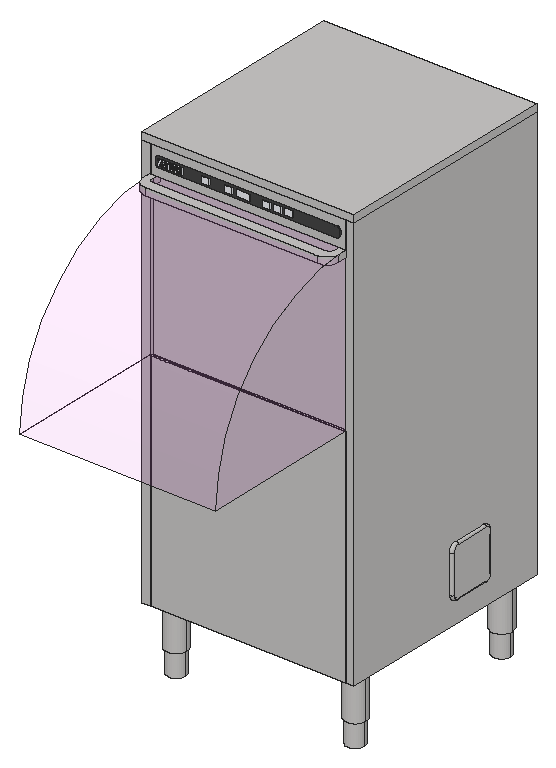
Revit family "QF_ZANUSSI_503021_LU7ADP", category Attrezzature speciali, Revit 2020
Family settings
  Quota connettore circolare = Usa diametro
  Tipo di parte = Normale
  Basato su piano di lavoro = No
  Sempre verticale = Sì
  Taglio con vuoti quando caricato = No
  Condiviso = No
  Punto di calcolo locali = No
Parameters (values of type "Standard")
  Weight = 97.00 kg
  Watts = 9900 W
  Volts = 400 V
  URL Manufacturer = "http://www.zanussiprofessional.com"
  URL = "http://www.zanussiprofessional.com"
  Steam Supply Size = 0 mm
  Steam Supply Minimum Pressure = 0.0 Pa
  Steam Supply Maximum Pressure = 0.0 Pa
  Steam Consumption per Hour = 0
  Show Logo [instance] = yes
  Show Clearance [instance] = yes
  Refrigeration Suction Line Size = 0 mm
  Refrigeration Liquid Line Size = 0 mm
  Refrigerant Compressor Remote = yes
  Prospetto di default = 0 mm
  Produttore = "Zanussi"
  Phase = 3
  Modello = "LU7ADP"
  Length Actual = 642 mm  # constant formula
  Item Number = "503021"
  Hot Water Size = 19.05 mm
  Height Actual = 1477 mm  # constant formula
  HP = "13.3 HP"
  Gas Size = 0 mm
  Gas KW = 0
  Gas Input Pressure = 0 W
  Direct Waste Size = 20.5 mm
  Descrizione = "UTENSIL/DISHW.1170D/H,DRAIN P,ATM,ACTIVE"
  Depth Actual = 723 mm  # constant formula
  Cycle = 50 Hz
  Condensate Return Size = 0 mm
  Compressed Air Volume = 0.0 L/s
  Compressed Air Size = 0 mm
  Compressed Air Pressure = 0.0 Pa
  Cold Water Size = 0 mm
  Accessory = yes
Reference planes
  plane 1: z = 0
  plane 2 "LEFT": x = -438
  plane 3 "BACK": y = 450
  plane 4: z = 904
  plane 5: y = 381
  plane 6: x = -388
  plane 7: z = 200
  plane 8: x = 204
  plane 9: x = -117
  plane 10: z = 880
  plane 11: z = 1477
  plane 12: z = 1363
  plane 13: x = 154
  plane 14: y = -239
  plane 15: y = -172
  plane 16: through (180, 105, 4000) normal (-0.7071, -0.7071, 0)
  plane 17: through (180, 125, 4000) normal (0.7071, -0.7071, 0)
  plane 18: through (47, -3351, 200) normal (-0.7071, 0, -0.7071)
  plane 19: through (47, -3351, 220) normal (0.7071, 0, -0.7071)
  plane 20: y = 392
  plane 21: x = -173
  plane 22: y = 392
  plane 23: x = -117
  plane 24: y = -76
  plane 25: x = -208
  plane 26: y = -731
Forms (mm)
  Extrusion 1, solid, material "QF_Finishes_Stainless Steel"
    sketch origin (0, 211, 0) x (1, 0, 0) y (0, 1, 0)
      loop
        line (-438, 239) -> (-438, -450) -> (-413, -450) -> (-413, -418) -> (179, -418) -> (179, -450) -> (204, -450) -> (204, 239) -> (-438, 239)
    from 200 to 1455
  Extrusion 2, solid, material "QF_Finishes_Stainless Steel"
    sketch origin (-247.596, -58.023, 198) x (0, -1, 0) y (1, 0, 0)
      loop
        line (-163.023, 407.596) -> (-163.023, 427.596) -> (-183.023, 427.596) -> (-183.023, 407.596) -> (-163.023, 407.596)
    from 0 to 2
  Extrusion 3, solid, material "QF_Finishes_Stainless Steel"
    sketch origin (-1275.159, 1164.464, 194.383) x (1, 0, 0) y (0, 1, 0)
      loop
        circle (1102.159, -772.464) r 10
    from -9.383 to 5.617
  Extrusion 4, solid, material "QF_Finishes_Stainless Steel"
    sketch origin (-30, 211, -709) x (1, 0, 0) y (0, 1, 0)
      loop
        line (-383, -440) -> (209, -440) -> (209, -420) -> (-383, -420) -> (-383, -440)
    from 1589 to 2082
  Extrusion 5, solid, material "QF_Finishes_Stainless Steel"
    sketch origin (-30, 211, -1192) x (1, 0, 0) y (0, 1, 0)
      loop
        line (-383, -450) -> (209, -450) -> (209, -420) -> (-383, -420) -> (-383, -450)
    from 1392 to 2072
  Extrusion 6, solid, material "QF_Finishes_Door Clearance", visible <- "Show Clearance"
    sketch origin (-259, -438, 522.718) x (0, 1, 0) y (0, 0, -1)
      loop
        line (200, -357.282) -> (-293, -357.282)
        arc (-293, -357.282) -> (-148.604, -705.885) -> (200, -850.282) r 493
        line (200, -850.282) -> (200, -357.282)
    from 154 to -438
  Extrusion 7, solid, material "QF_Finishes_Stainless Steel"
    sketch origin (-30, 211, -19) x (1, 0, 0) y (0, 1, 0)
      loop
        line (-383, -450) -> (209, -450) -> (209, -420) -> (-383, -420) -> (-383, -450)
    from 1392 to 1474
  Extrusion 8, solid, material "QF_Finishes_Stainless Steel"
    sketch origin (-57, 0, 63) x (1, 0, 0) y (0, 1, 0)
      loop
        line (-381, -239) -> (261, -239) -> (261, 450) -> (-381, 450) -> (-381, -239)
    from 1392 to 1414
  Extrusion 9, solid, material "QF_Finishes_Stainless Steel"
    sketch origin (-380.596, 450, 36.977) x (1, 0, 0) y (0, 0, -1)
      loop
        line (407.596, -163.023) -> (407.596, -183.023) -> (427.596, -183.023) -> (427.596, -163.023) -> (407.596, -163.023)
    from 0 to 2
  Extrusion 10, solid, material "QF_Finishes_Stainless Steel"
    sketch origin (-1219.159, 1164.464, 194.383) x (1, 0, 0) y (0, 1, 0)
      loop
        circle (1102.159, -772.464) r 10
    from -9.383 to 5.617
  Extrusion 11, solid, material "QF_Finishes_Stainless Steel"
    sketch origin (-1107.159, 1164.464, 194.383) x (1, 0, 0) y (0, 1, 0)
      loop
        circle (1102.159, -772.464) r 10
    from -9.383 to 5.617
  Extrusion 12, solid, material "QF_Finishes_Stainless Steel"
    sketch origin (-1310.159, 696.464, 194.383) x (1, 0, 0) y (0, 1, 0)
      loop
        circle (1102.159, -772.464) r 10
    from -9.383 to 5.617
Dimensions and locks
  plane 4 to level = 904 mm
  plane 3 "BACK" to plane 5 = 69 mm
  plane 2 "LEFT" to plane 6 = 50 mm
  plane 2 "LEFT" to plane 8 = 642 mm
  equal spacing: plane 2 "LEFT", plane 9, plane 8
  plane 10 to level = 880 mm
  plane 11 to level = 1477 mm
  plane 12 to plane 10 = 483 mm
  nested 1 to plane 6 = 0 mm
  plane 13 to plane 8 = 50 mm
  plane 3 "BACK" to plane 14 = 689 mm
  plane 15 to plane 14 = 67 mm
  plane 8 to plane 2 "LEFT" = 642 mm
  plane 7 to level = 200 mm  (x2)
  plane 3 "BACK" to nested 2 = 69 mm
  plane 5 to nested 1 = 553 mm
  nested 1 to plane 14 = 67 mm
  level to plane 10 = 880 mm
  Extrusion 1 to plane 26 = 1181 mm
  aligned and locked: level to plane 1
Automatic sketch dimensions
  Extrusion 1 sketch curve to plane 2 "LEFT" = 0 mm
  plane 14 to Extrusion 1 sketch curve = 0 mm  (x2)
  Extrusion 1 sketch curve to plane 3 "BACK" = 0 mm
  Extrusion 1 sketch curve to plane 8 = 0 mm
  plane 2 "LEFT" to Extrusion 1 sketch curve = 25 mm
  plane 8 to Extrusion 1 sketch curve = 25 mm
  Extrusion 1 sketch curve to plane 14 = 32 mm
  Extrusion 2 sketch curve to plane 16 = 0 mm
  plane 17 to Extrusion 2 sketch curve = 0 mm
  Extrusion 2 sketch curve to plane 17 = 0 mm
  Extrusion 2 sketch curve to plane 13 = 6 mm
  plane 20 to Extrusion 3 sketch curve = 0 mm
  Extrusion 3 sketch curve to plane 21 = 0 mm
  plane 2 "LEFT" to Extrusion 4 sketch curve = 25 mm
  plane 8 to Extrusion 4 sketch curve = 25 mm
  Extrusion 4 sketch curve to plane 14 = 10 mm
  Extrusion 4 sketch curve to Extrusion 4 sketch curve = 20 mm
  plane 14 to Extrusion 5 sketch curve = 0 mm
  plane 2 "LEFT" to Extrusion 5 sketch curve = 25 mm
  plane 8 to Extrusion 5 sketch curve = 25 mm
  Extrusion 5 sketch curve to plane 14 = 30 mm
  plane 10 to Extrusion 6 sketch curve = 0 mm  (x2)
  Extrusion 6 sketch curve to plane 14 = 1 mm
  plane 12 to Extrusion 6 sketch curve = 10 mm
  plane 14 to Extrusion 7 sketch curve = 0 mm
  plane 2 "LEFT" to Extrusion 7 sketch curve = 25 mm
  plane 8 to Extrusion 7 sketch curve = 25 mm
  Extrusion 7 sketch curve to plane 14 = 30 mm
  Extrusion 8 sketch curve to plane 3 "BACK" = 0 mm
  plane 14 to Extrusion 8 sketch curve = 0 mm
  Extrusion 8 sketch curve to plane 8 = 0 mm
  Extrusion 8 sketch curve to plane 2 "LEFT" = 0 mm
  plane 18 to Extrusion 9 sketch curve = 0 mm
  Extrusion 9 sketch curve to plane 7 = 0 mm
  Extrusion 9 sketch curve to plane 19 = 0 mm  (x2)
  Extrusion 10 sketch curve to plane 9 = 0 mm
  plane 20 to Extrusion 10 sketch curve = 0 mm
  plane 20 to Extrusion 11 sketch curve = 0 mm
  Extrusion 11 sketch curve to plane 9 = 112 mm
  plane 2 "LEFT" to Extrusion 12 sketch curve = 230 mm
  Extrusion 12 sketch curve to plane 5 = 457 mm
  radius of Extrusion 3 sketch curve = 10 mm
  radius of Extrusion 10 sketch curve = 10 mm
  radius of Extrusion 11 sketch curve = 10 mm
  radius of Extrusion 12 sketch curve = 10 mm
Nested families
  nested 1: "Piedino H200 - DISHWASHING" at (-388, -172, 0), type "Piedino H200 - DISHWASHING"
    with H 200 mm
  nested 2: "Piedino H200 - DISHWASHING" at (-388, 381, 0), type "Piedino H200 - DISHWASHING"
    with H 200 mm
  nested 3: "Piedino H200 - DISHWASHING" at (154, -172, 0), type "Piedino H200 - DISHWASHING"
    with H 200 mm
  nested 4: "Piedino H200 - DISHWASHING" at (154, 381, 0), type "Piedino H200 - DISHWASHING"
    with H 200 mm
  nested 5: "MANIGLIA_DISHWASHING_ROUND" at (-117, -229, 1362.997) x (1, 0, 0) z (0, -1, 0), type "MANIGLIA_DISHWASHING_ROUND"
  nested 6: "BOCCHETTONE DISHWASHING" at (204, 191, 350) x (0, -1, 0) z (1, 0, 0), type "BOCCHETTONE DISHWASHING"
  nested 7: "Tastierino_DISHWASHING_NERO ZANUSSI - LUNGO" at (-117, -239, 1414) x (1, 0, 0) z (0, -1, 0), type "Tastierino_DISHWASHING_NERO ZANUSSI - LUNGO"
    with Show Logo yes
  nested 8: "ZANUSSI_Logo - WHITE" at (-346.5, -240, 1463) x (1, 0, 0) z (0, -1, 0), Show Logo <- "Show Logo", visible <- "Show Logo", type "ZANUSSI_Logo - WHITE"
    with Show Logo yes
Connectors
  electrical at (170, 115, 198)
    settings: on Extrusion 2, index 69, voltage 0 V, apparent load 0 VA, apparent load phase1 0 VA, apparent load phase2 0 VA, apparent load phase3 0 VA, power factor 1, load classification "Altro", number of poles 1, system type 30, power factor state 1, is connector primary yes, connector utility no, sub classification motor no, connector description "EI"
  piping at (-173, 392, 185), diameter 12.9
    settings: on Extrusion 3, index 70, connector inside diameter 609.6 mm, connector length 0 mm, flow factor 0, pipe flow 0.0 L/s, pressure drop 0.0 Pa, fitting loss kfactor 0, connector angle 0.00°, fixture units 0, engagement length 0 mm, angle of deflection 0.00°, flow configuration 0, flow direction 0, fitting loss method 0, system type 29, joint type 0, gender type 0, connector reference index -1, connector utility 0, adjustable connector no, is connector primary yes, connector description "XD"
  electrical at (37, 450, 210)
    settings: on Extrusion 9, index 71, voltage 0 V, apparent load 0 VA, apparent load phase1 0 VA, apparent load phase2 0 VA, apparent load phase3 0 VA, power factor 1, load classification "Altro", number of poles 1, system type 30, power factor state 1, is connector primary no, connector utility no, sub classification motor no, connector description "EQ"
  piping at (-117, 392, 185), diameter 12.9
    settings: on Extrusion 10, index 72, connector inside diameter 609.6 mm, connector length 0 mm, flow factor 0, pipe flow 0.0 L/s, pressure drop 0.0 Pa, fitting loss kfactor 0, connector angle 0.00°, fixture units 0, engagement length 0 mm, angle of deflection 0.00°, flow configuration 0, flow direction 0, fitting loss method 0, system type 29, joint type 0, gender type 0, connector reference index -1, connector utility 0, adjustable connector no, is connector primary no, connector description "D"
  piping at (-5, 392, 185), diameter 12.9
    settings: on Extrusion 11, index 73, connector inside diameter 609.6 mm, connector length 0 mm, flow factor 0, pipe flow 0.0 L/s, pressure drop 0.0 Pa, fitting loss kfactor 0, connector angle 0.00°, fixture units 0, engagement length 0 mm, angle of deflection 0.00°, flow configuration 0, flow direction 0, fitting loss method 0, system type 29, joint type 0, gender type 0, connector reference index -1, connector utility 0, adjustable connector no, is connector primary no, connector description "HWI"
  piping at (-208, -76, 185), diameter 12.9
    settings: on Extrusion 12, index 74, connector inside diameter 609.6 mm, connector length 0 mm, flow factor 0, pipe flow 0.0 L/s, pressure drop 0.0 Pa, fitting loss kfactor 0, connector angle 0.00°, fixture units 0, engagement length 0 mm, angle of deflection 0.00°, flow configuration 0, flow direction 0, fitting loss method 0, system type 29, joint type 0, gender type 0, connector reference index -1, connector utility 0, adjustable connector no, is connector primary no, connector description "D"
Definition of nested family "Piedino H200 - DISHWASHING"
  Parameters (values of type "Piedino H200 - DISHWASHING")
    Default Elevation = 0 mm
    H [instance] = 200 mm
  Reference planes
    plane 1 "Centro (Fronte/Retro)": y = 0
    plane 2: z = 0
    plane 3 "Centro (Sinistra/Destra)": x = 0
    plane 4: z = 70.047
  Forms (mm)
    Revolve 1, solid
      sketch origin (55, 0, 0) x (-1, 0, 0) y (0, 0, -1)
        loop
          line (55, 0) -> (27.6, 0) -> (27.6, -70.047) -> (22.6, -70.047) -> (22.6, -200) -> (55, -200) -> (55, 0)
        axis (55, 0) -> (55, -200)
      angle from 0 to 360
  Dimensions and locks
    "H": Revolve 1 to plane 2
    aligned and locked: level to plane 2
  Automatic sketch dimensions
    Revolve 1 sketch curve to plane 4 = 0 mm
    Revolve 1 sketch curve to level = 0 mm
    Revolve 1 sketch curve to plane 3 "Centro (Sinistra/Destra)" = 0 mm  (x2)
    plane 3 "Centro (Sinistra/Destra)" to Revolve 1 sketch curve = 27.4 mm
    Revolve 1 sketch curve to Revolve 1 sketch curve = 5 mm
    Revolve 1 sketch curve to plane 4 = 129.953 mm
    Revolve 1 sketch curve to Revolve 1 sketch curve = 0 mm
    Revolve 1 sketch curve to Revolve 1 sketch curve = 20 mm
Definition of nested family "MANIGLIA_DISHWASHING_ROUND"
  Parameters (values of type "MANIGLIA_DISHWASHING_ROUND")
    Default Elevation = 1219.2 mm
  Reference planes
    plane 1 "Centro (Fronte/Retro)": y = 0
    plane 2: z = 0
    plane 3 "Centro (Sinistra/Destra)": x = 0
    plane 4: z = 72
    plane 5: x = -296
    plane 6: x = 296
  Forms (mm)
    Extrusion 1, solid
      sketch origin (0, 0, 0) x (1, 0, 0) y (0, 1, 0)
        loop
          line (-1219.2, 1219.2) -> (-1219.2, -1219.2) -> (1219.2, -1219.2) -> (1219.2, 1219.2) -> (-1219.2, 1219.2)
      from 0 to -304.8
    Extrusion 2, solid
      sketch origin (0, 10.003, 0) x (1, 0, 0) y (0, 0, 1)
        loop
          line (-296, 0) -> (-276, 0) -> (-276, 27)
          arc (-276, 27) -> (-271.607, 37.607) -> (-261, 42) r 15
          line (-261, 42) -> (261, 42)
          arc (261, 42) -> (271.607, 37.607) -> (276, 27) r 15
          line (276, 27) -> (276, 0) -> (296, 0) -> (296, 37)
          arc (296, 37) -> (285.749, 61.749) -> (261, 72) r 35
          line (261, 72) -> (-261, 72)
          arc (-261, 72) -> (-285.749, 61.749) -> (-296, 37) r 35
          line (-296, 37) -> (-296, 0)
      from 0 to 20.005
  Dimensions and locks
    plane 5 to plane 6 = 592 mm
    aligned and locked: plane 2 to Extrusion 1
    aligned and locked: level to Extrusion 1
Definition of nested family "BOCCHETTONE DISHWASHING"
  Parameters (values of type "BOCCHETTONE DISHWASHING")
    Default Elevation = 1219.2 mm
  Reference planes
    plane 1 "Centro (Fronte/Retro)": y = 0
    plane 2: z = 0
    plane 3 "Centro (Sinistra/Destra)": x = 0
  Forms (mm)
    Extrusion 1, solid
      sketch origin (0, 0, 0) x (1, 0, 0) y (0, 1, 0)
        loop
          line (-1219.2, 1219.2) -> (-1219.2, -1219.2) -> (1219.2, -1219.2) -> (1219.2, 1219.2) -> (-1219.2, 1219.2)
      from 0 to -304.8
    Extrusion 2, solid
      sketch origin (-411.544, -195.727, 0) x (1, 0, 0) y (0, 1, 0)
        loop
          arc (359.044, 268.227) -> (348.437, 263.833) -> (344.044, 253.227) r 15
          line (344.044, 253.227) -> (344.044, 138.227)
          arc (344.044, 138.227) -> (348.437, 127.62) -> (359.044, 123.227) r 15
          line (359.044, 123.227) -> (464.044, 123.227)
          arc (464.044, 123.227) -> (474.65, 127.62) -> (479.044, 138.227) r 15
          line (479.044, 138.227) -> (479.044, 253.227)
          arc (479.044, 253.227) -> (474.65, 263.833) -> (464.044, 268.227) r 15
          line (464.044, 268.227) -> (359.044, 268.227)
      from 0 to 13.165
    Sweep 3, solid
      path in 3D
        loop
          arc (-52.5, 72.5, 13.165) -> (-63.107, 68.107, 13.165) -> (-67.5, 57.5, 13.165) r 15
          line (-67.5, 57.5, 13.165) -> (-67.5, -57.5, 13.165)
          arc (-67.5, -57.5, 13.165) -> (-63.107, -68.107, 13.165) -> (-52.5, -72.5, 13.165) r 15
          line (-52.5, -72.5, 13.165) -> (52.5, -72.5, 13.165)
          arc (52.5, -72.5, 13.165) -> (63.107, -68.107, 13.165) -> (67.5, -57.5, 13.165) r 15
          line (67.5, -57.5, 13.165) -> (67.5, 57.5, 13.165)
          arc (67.5, 57.5, 13.165) -> (63.107, 68.107, 13.165) -> (52.5, 72.5, 13.165) r 15
          line (52.5, 72.5, 13.165) -> (-52.5, 72.5, 13.165)
      profile origin (0, 72.5, 13.165) x (0, 0, 1) y (0, 1, 0)
        loop
          arc (-1.054, 0) -> (-6.598, 5.544) -> (-12.141, 0) r 5.544
          line (-12.141, 0) -> (-1.054, 0)
  Lines and regions (mm)
    sketch lines
      curve 1: line (52.5, 72.5, 13.165) -> (-52.5, 72.5, 13.165)
      curve 2: arc (-67.5, 57.5, 13.165) -> (-63.107, 68.107, 13.165) -> (-52.5, 72.5, 13.165) r 15
      curve 3: line (-67.5, 57.5, 13.165) -> (-67.5, -57.5, 13.165)
      curve 4: arc (-52.5, -72.5, 13.165) -> (-63.107, -68.107, 13.165) -> (-67.5, -57.5, 13.165) r 15
      curve 5: line (-52.5, -72.5, 13.165) -> (52.5, -72.5, 13.165)
      curve 6: line (67.5, -57.5, 13.165) -> (67.5, 57.5, 13.165)
      curve 7: arc (52.5, 72.5, 13.165) -> (63.107, 68.107, 13.165) -> (67.5, 57.5, 13.165) r 15
      curve 8: arc (67.5, -57.5, 13.165) -> (63.107, -68.107, 13.165) -> (52.5, -72.5, 13.165) r 15
  Dimensions and locks
    aligned and locked: plane 2 to Extrusion 1
    aligned and locked: level to Extrusion 1
Definition of nested family "Tastierino_DISHWASHING_NERO ZANUSSI - LUNGO"
  Parameters (values of type "Tastierino_DISHWASHING_NERO ZANUSSI - LUNGO")
    Show Logo [instance] = yes
    Default Elevation = 1219.2 mm
  Reference planes
    plane 1 "Centro (Fronte/Retro)": y = 0
    plane 2: z = 0
    plane 3 "Centro (Sinistra/Destra)": x = 0
  Forms (mm)
    Extrusion 1, solid
      sketch origin (0, 0, 0) x (1, 0, 0) y (0, 1, 0)
        loop
          line (-1219.2, 1219.2) -> (-1219.2, -1219.2) -> (1219.2, -1219.2) -> (1219.2, 1219.2) -> (-1219.2, 1219.2)
      from 0 to -304.8
    Extrusion 2, solid
      sketch origin (0, -346.27, 0) x (1, 0, 0) y (0, 1, 0)
        loop
          line (-279, 352.097) -> (-279, 340.442)
          arc (-279, 340.442) -> (-276.071, 333.371) -> (-269, 330.442) r 10
          line (-269, 330.442) -> (269, 330.442)
          arc (269, 330.442) -> (276.071, 333.371) -> (279, 340.442) r 10
          line (279, 340.442) -> (279, 352.097)
          arc (279, 352.097) -> (276.071, 359.169) -> (269, 362.097) r 10
          line (269, 362.097) -> (-269, 362.097)
          arc (-269, 362.097) -> (-276.071, 359.169) -> (-279, 352.097) r 10
      from 0 to 1
    Extrusion 3, solid
      sketch origin (15, -346.27, 0) x (1, 0, 0) y (0, 1, 0)
        loop
          line (-154.168, 355.847) -> (-154.168, 336.692) -> (-131.389, 336.692) -> (-131.389, 355.847) -> (-154.168, 355.847)
        loop
          line (-84.168, 355.847) -> (-84.168, 336.692) -> (-61.389, 336.692) -> (-61.389, 355.847) -> (-84.168, 355.847)
        loop
          line (30.832, 355.847) -> (30.832, 336.692) -> (53.611, 336.692) -> (53.611, 355.847) -> (30.832, 355.847)
        loop
          line (63.497, 355.847) -> (63.497, 336.692) -> (86.275, 336.692) -> (86.275, 355.847) -> (63.497, 355.847)
        loop
          line (98.497, 355.847) -> (98.497, 336.692) -> (121.275, 336.692) -> (121.275, 355.847) -> (98.497, 355.847)
        loop
          line (-48.676, 355.847) -> (-48.676, 336.692) -> (-8.383, 336.692) -> (-8.383, 355.847) -> (-48.676, 355.847)
      from 0 to 2
  Dimensions and locks
    aligned and locked: plane 2 to Extrusion 1
    aligned and locked: level to Extrusion 1
Definition of nested family "ZANUSSI_Logo - WHITE"
  Parameters (values of type "ZANUSSI_Logo - WHITE")
    Show Logo [instance] = yes
    Default Elevation = 1219.2 mm
  Reference planes
    plane 1 "Center (Front/Back)": y = -49
    plane 2: z = 0
    plane 3 "Center (Left/Right)": x = -9.92
  Forms (mm)
    Extrusion 1, solid
      sketch origin (0, 0, 0) x (1, 0, 0) y (0, 1, 0)
        loop
          line (-1219.2, 1219.2) -> (-1219.2, -1219.2) -> (1219.2, -1219.2) -> (1219.2, 1219.2) -> (-1219.2, 1219.2)
      from 0 to -304.8
    Extrusion 2, solid, visible <- "Show Logo"
      sketch origin (106.353, -215.165, -50) x (1, 0, 0) y (0, 1, 0)
        loop
          line (-137.419, 156.48) -> (-137.419, 160.444) -> (-143.365, 160.444) -> (-137.419, 172.566) -> (-137.419, 175.851) -> (-147.274, 175.851) -> (-147.274, 172.226) -> (-142.063, 172.339) -> (-147.728, 160.444) -> (-147.728, 156.48) -> (-137.419, 156.48)
        loop
          line (-131.729, 163.73) -> (-129.463, 163.73) -> (-130.596, 172.54) -> (-131.729, 163.73)
        loop
          line (-132.748, 156.48) -> (-132.182, 160.218) -> (-128.897, 160.218) -> (-128.33, 156.48) -> (-124.252, 156.48) -> (-127.877, 175.851) -> (-133.315, 175.851) -> (-136.826, 156.48) -> (-132.748, 156.48)
        loop
          line (-123.75, 175.851) -> (-123.75, 156.48) -> (-120.238, 156.48) -> (-120.238, 169.281) -> (-116.953, 156.48) -> (-112.648, 156.48) -> (-112.648, 175.851) -> (-116.273, 175.851) -> (-116.273, 163.503) -> (-119.558, 175.851) -> (-123.75, 175.851)
        loop
          arc (-111.742, 161.27) -> (-106.896, 156.448) -> (-101.433, 160.558) r 5.22
          line (-101.433, 160.558) -> (-101.433, 175.851) -> (-105.398, 175.851) -> (-105.398, 161.464)
          arc (-105.398, 161.464) -> (-106.44, 160.263) -> (-107.777, 161.124) r 1.214
          line (-107.777, 161.124) -> (-107.777, 175.851) -> (-111.742, 175.851) -> (-111.742, 161.27)
        loop
          line (-94.069, 169.734) -> (-90.331, 169.734) -> (-90.269, 171.495)
          arc (-90.269, 171.495) -> (-90.53, 173.458) -> (-91.761, 175.009) r 3.719
          arc (-91.761, 175.009) -> (-95.38, 176.189) -> (-98.998, 175.009) r 6.139
          arc (-98.998, 175.009) -> (-100.474, 172.145) -> (-100.291, 168.927) r 6.125
          arc (-100.291, 168.927) -> (-99.079, 167.149) -> (-97.591, 165.594) r 13.068
          line (-97.591, 165.594) -> (-95.921, 164.113)
          arc (-95.921, 164.113) -> (-94.934, 163.275) -> (-94.167, 162.233) r 5.571
          arc (-94.167, 162.233) -> (-94.357, 160.41) -> (-96.143, 160.003) r 1.573
          arc (-96.143, 160.003) -> (-96.681, 160.547) -> (-96.911, 161.277) r 1.631
          arc (-96.911, 161.277) -> (-96.929, 161.791) -> (-96.911, 162.305) r 7.441
          arc (-96.911, 162.305) -> (-96.895, 162.791) -> (-96.911, 163.277) r 7.03
          line (-96.911, 163.277) -> (-100.866, 163.277)
          arc (-100.866, 163.277) -> (-100.828, 160.504) -> (-99.735, 157.955) r 7.131
          arc (-99.735, 157.955) -> (-94.571, 156.484) -> (-90.221, 159.633) r 6.148
          arc (-90.221, 159.633) -> (-90.141, 162.884) -> (-91.536, 165.823) r 7.021
          line (-91.536, 165.823) -> (-95.882, 169.734)
          arc (-95.882, 169.734) -> (-96.47, 170.472) -> (-96.785, 171.362) r 2.858
          arc (-96.785, 171.362) -> (-95.666, 172.959) -> (-94.069, 171.84) r 1.379
          line (-94.069, 171.84) -> (-94.069, 169.734)
        loop
          line (-82.771, 169.734) -> (-79.033, 169.734) -> (-78.971, 171.495)
          arc (-78.971, 171.495) -> (-79.232, 173.458) -> (-80.463, 175.009) r 3.719
          arc (-80.463, 175.009) -> (-84.081, 176.189) -> (-87.7, 175.009) r 6.139
          arc (-87.7, 175.009) -> (-89.175, 172.145) -> (-88.993, 168.927) r 6.125
          arc (-88.993, 168.927) -> (-87.781, 167.149) -> (-86.293, 165.594) r 13.068
          line (-86.293, 165.594) -> (-84.623, 164.113)
          arc (-84.623, 164.113) -> (-83.636, 163.275) -> (-82.869, 162.233) r 5.571
          arc (-82.869, 162.233) -> (-83.059, 160.41) -> (-84.845, 160.003) r 1.573
          arc (-84.845, 160.003) -> (-85.383, 160.547) -> (-85.613, 161.277) r 1.631
          arc (-85.613, 161.277) -> (-85.631, 161.791) -> (-85.613, 162.305) r 7.441
          arc (-85.613, 162.305) -> (-85.596, 162.791) -> (-85.613, 163.277) r 7.03
          line (-85.613, 163.277) -> (-89.568, 163.277)
          arc (-89.568, 163.277) -> (-89.53, 160.504) -> (-88.437, 157.955) r 7.131
          arc (-88.437, 157.955) -> (-83.272, 156.484) -> (-78.922, 159.633) r 6.148
          arc (-78.922, 159.633) -> (-78.843, 162.884) -> (-80.238, 165.823) r 7.021
          line (-80.238, 165.823) -> (-84.584, 169.734)
          arc (-84.584, 169.734) -> (-85.171, 170.472) -> (-85.486, 171.362) r 2.858
          arc (-85.486, 171.362) -> (-84.368, 172.959) -> (-82.771, 171.84) r 1.379
          line (-82.771, 171.84) -> (-82.771, 169.734)
        loop
          line (-78.21, 175.851) -> (-78.21, 156.48) -> (-74.245, 156.48) -> (-74.245, 175.851) -> (-78.21, 175.851)
      from 50 to 51.6
  Dimensions and locks
    aligned and locked: plane 2 to Extrusion 1
    aligned and locked: level to Extrusion 1
